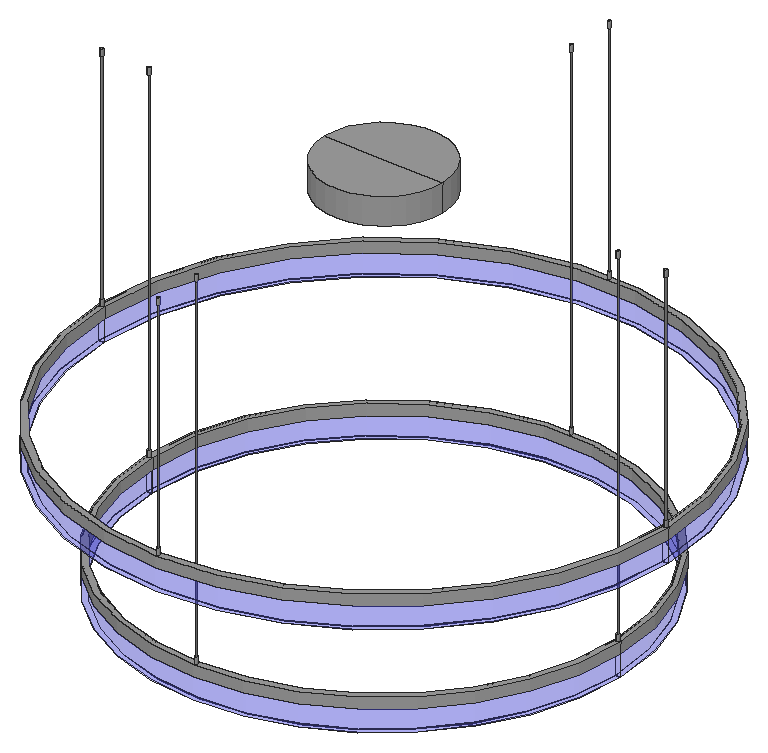
Revit family "Alcon-12272-2-40-48-Revit-Family", category Generic Models, host Ceiling, Revit 2025
Family settings
  Host = Ceiling
  Can host rebar = No
  Round Connector Dimension = Use Diameter
  Part Type = Normal
  Always vertical = Yes
  Cut with Voids When Loaded = No
  Maintain Annotation Orientation = No
  Shared = No
  Room Calculation Point = No
Parameters
  URL = "https://www.alconlighting.com/?srsltid=AfmBOooDPhGQ0dEP-X2PMtxFfvvWpIAEL4jCll_O2F4_to5onvhnBomy"
  Product Page = "https://www.alconlighting.com/redondo-12272-2.html"
  Model = "12272-2"
  Manufacturer = "Alcon Lighting"
  Lens = Glass
  Housing = Default
  Default Elevation = 0' - 0"
Reference planes (in)
  plane 1 "Center (Front/Back)": y = 0
  plane 2 "Ceiling": z = 96
  plane 3 "Center (Left/Right)": x = 0
Forms (in)
  Revolve 1, solid, material "Default" <- "Housing"
    sketch origin (0, 0, 0) x (1, 0, 0) y (0, 0, 1)
      loop
        line (0, 96) -> (0, 93.75) -> (5, 93.75) -> (5, 96) -> (0, 96)
      axis (0, 96) -> (0, 93.75)
    angle from 0 to 360
  Revolve 2, solid, material "Default" <- "Housing"
    sketch origin (0, 0, 0) x (1, 0, 0) y (0, 0, 1)
      loop
        line (19.5, 66.65) -> (19.5, 65.72813) -> (19.5625, 65.72813) -> (19.5625, 66.5875) -> (19.9375, 66.5875) -> (19.9375, 65.72813) -> (20, 65.72813) -> (20, 66.65) -> (19.5, 66.65)
      axis (0, 65.72813) -> (0, 66.65)
    angle from 0 to 360
  Revolve 3, solid, material "Glass" <- "Lens"
    sketch origin (0, 0, 0) x (1, 0, 0) y (0, 0, 1)
      loop
        line (19.5, 63.89) -> (20, 63.89) -> (20, 65.72813) -> (19.96875, 65.72813) -> (19.96875, 63.92125) -> (19.53125, 63.92125) -> (19.53125, 65.72813) -> (19.5, 65.72813) -> (19.5, 63.89)
      axis (0, 63.89) -> (0, 65.72813)
    angle from 0 to 360
  Revolve 4, solid, material "Default" <- "Housing"
    sketch origin (0, -32.29728, 0) x (0, 1, 0) y (0, 0, 1)
      loop
        line (12.55011, 66.65) -> (12.67511, 66.65) -> (12.67511, 67.1208) -> (12.55011, 67.1208) -> (12.55011, 66.65)
      axis (12.55011, 67.1208) -> (12.55011, 66.65)
    angle from 0 to 360
  Extrusion 5, solid, material "Default" <- "Housing"
    sketch origin (0, -19.74728, 92.90344) x (0, 1, 0) y (1, 0, 0)
      loop
        circle (0, 0) r 0.04922
    from -2.62576 to 25.78265
  Revolve 6, solid, material "Default" <- "Housing"
    sketch origin (0, -32.29728, 28.8792) x (0, 1, 0) y (0, 0, 1)
      loop
        line (12.55011, 66.65) -> (12.67511, 66.65) -> (12.67511, 67.1208) -> (12.55011, 67.1208) -> (12.55011, 66.65)
      axis (12.55011, 67.1208) -> (12.55011, 66.65)
    angle from 0 to 360
  Revolve 7, solid, material "Default" <- "Housing"
    sketch origin (0, 7.19587, 0) x (0, 1, 0) y (0, 0, 1)
      loop
        line (12.55011, 66.65) -> (12.67511, 66.65) -> (12.67511, 67.1208) -> (12.55011, 67.1208) -> (12.55011, 66.65)
      axis (12.55011, 67.1208) -> (12.55011, 66.65)
    angle from 0 to 360
  Extrusion 8, solid, material "Default" <- "Housing"
    sketch origin (0, 19.74587, 92.90344) x (0, 1, 0) y (1, 0, 0)
      loop
        circle (0, 0) r 0.04922
    from -2.62576 to 25.78265
  Revolve 9, solid, material "Default" <- "Housing"
    sketch origin (0, 7.19587, 28.8792) x (0, 1, 0) y (0, 0, 1)
      loop
        line (12.55011, 66.65) -> (12.67511, 66.65) -> (12.67511, 67.1208) -> (12.55011, 67.1208) -> (12.55011, 66.65)
      axis (12.55011, 67.1208) -> (12.55011, 66.65)
    angle from 0 to 360
  Revolve 10, solid, material "Default" <- "Housing"
    sketch origin (19.73156, -12.55011, 0) x (0, 1, 0) y (0, 0, 1)
      loop
        line (12.55011, 66.65) -> (12.67511, 66.65) -> (12.67511, 67.1208) -> (12.55011, 67.1208) -> (12.55011, 66.65)
      axis (12.55011, 67.1208) -> (12.55011, 66.65)
    angle from 0 to 360
  Extrusion 11, solid, material "Default" <- "Housing"
    sketch origin (19.73156, -0.00011, 92.90344) x (0, 1, 0) y (1, 0, 0)
      loop
        circle (0, 0) r 0.04922
    from -2.62576 to 25.78265
  Revolve 12, solid, material "Default" <- "Housing"
    sketch origin (19.73156, -12.55011, 28.8792) x (0, 1, 0) y (0, 0, 1)
      loop
        line (12.55011, 66.65) -> (12.67511, 66.65) -> (12.67511, 67.1208) -> (12.55011, 67.1208) -> (12.55011, 66.65)
      axis (12.55011, 67.1208) -> (12.55011, 66.65)
    angle from 0 to 360
  Revolve 13, solid, material "Default" <- "Housing"
    sketch origin (-19.7654, -12.55011, 0) x (0, 1, 0) y (0, 0, 1)
      loop
        line (12.55011, 66.65) -> (12.67511, 66.65) -> (12.67511, 67.1208) -> (12.55011, 67.1208) -> (12.55011, 66.65)
      axis (12.55011, 67.1208) -> (12.55011, 66.65)
    angle from 0 to 360
  Extrusion 14, solid, material "Default" <- "Housing"
    sketch origin (-19.7654, -0.00011, 92.90344) x (0, 1, 0) y (1, 0, 0)
      loop
        circle (0, 0) r 0.04922
    from -2.62576 to 25.78265
  Revolve 15, solid, material "Default" <- "Housing"
    sketch origin (-19.7654, -12.55011, 28.8792) x (0, 1, 0) y (0, 0, 1)
      loop
        line (12.55011, 66.65) -> (12.67511, 66.65) -> (12.67511, 67.1208) -> (12.55011, 67.1208) -> (12.55011, 66.65)
      axis (12.55011, 67.1208) -> (12.55011, 66.65)
    angle from 0 to 360
  Revolve 16, solid, material "Default" <- "Housing"
    sketch origin (0, 0, 10) x (1, 0, 0) y (0, 0, 1)
      loop
        line (23.5, 66.65) -> (23.5, 65.72813) -> (23.5625, 65.72813) -> (23.5625, 66.5875) -> (23.9375, 66.5875) -> (23.9375, 65.72813) -> (24, 65.72813) -> (24, 66.65) -> (23.5, 66.65)
      axis (0, 65.72813) -> (0, 66.65)
    angle from 0 to 360
  Revolve 17, solid, material "Glass" <- "Lens"
    sketch origin (0, 0, 10) x (1, 0, 0) y (0, 0, 1)
      loop
        line (23.5, 63.89) -> (24, 63.89) -> (24, 65.72813) -> (23.96875, 65.72813) -> (23.96875, 63.92125) -> (23.53125, 63.92125) -> (23.53125, 65.72813) -> (23.5, 65.72813) -> (23.5, 63.89)
      axis (0, 63.89) -> (0, 65.72813)
    angle from 0 to 360
  Revolve 18, solid, material "Default" <- "Housing"
    sketch origin (-23.7654, -12.55011, 10) x (0, 1, 0) y (0, 0, 1)
      loop
        line (12.55011, 66.65) -> (12.67511, 66.65) -> (12.67511, 67.1208) -> (12.55011, 67.1208) -> (12.55011, 66.65)
      axis (12.55011, 67.1208) -> (12.55011, 66.65)
    angle from 0 to 360
  Extrusion 19, solid, material "Default" <- "Housing"
    sketch origin (-23.7654, -0.00011, 102.90344) x (0, 1, 0) y (1, 0, 0)
      loop
        circle (0, 0) r 0.04922
    from 7.37424 to 25.78265
  Revolve 20, solid, material "Default" <- "Housing"
    sketch origin (-23.7654, -12.55011, 28.8792) x (0, 1, 0) y (0, 0, 1)
      loop
        line (12.55011, 66.65) -> (12.67511, 66.65) -> (12.67511, 67.1208) -> (12.55011, 67.1208) -> (12.55011, 66.65)
      axis (12.55011, 67.1208) -> (12.55011, 66.65)
    angle from 0 to 360
  Revolve 21, solid, material "Default" <- "Housing"
    sketch origin (-19.7654, -12.55011, 0) x (0, 1, 0) y (0, 0, 1)
      loop
        line (12.55011, 66.65) -> (12.67511, 66.65) -> (12.67511, 67.1208) -> (12.55011, 67.1208) -> (12.55011, 66.65)
      axis (12.55011, 67.1208) -> (12.55011, 66.65)
    angle from 0 to 360
  Extrusion 22, solid, material "Default" <- "Housing"
    sketch origin (-19.7654, -0.00011, 92.90344) x (0, 1, 0) y (1, 0, 0)
      loop
        circle (0, 0) r 0.04922
    from -2.62576 to 25.78265
  Revolve 23, solid, material "Default" <- "Housing"
    sketch origin (-19.7654, -12.55011, 28.8792) x (0, 1, 0) y (0, 0, 1)
      loop
        line (12.55011, 66.65) -> (12.67511, 66.65) -> (12.67511, 67.1208) -> (12.55011, 67.1208) -> (12.55011, 66.65)
      axis (12.55011, 67.1208) -> (12.55011, 66.65)
    angle from 0 to 360
  Revolve 24, solid, material "Default" <- "Housing"
    sketch origin (23.7346, -12.55011, 10) x (0, 1, 0) y (0, 0, 1)
      loop
        line (12.55011, 66.65) -> (12.67511, 66.65) -> (12.67511, 67.1208) -> (12.55011, 67.1208) -> (12.55011, 66.65)
      axis (12.55011, 67.1208) -> (12.55011, 66.65)
    angle from 0 to 360
  Extrusion 25, solid, material "Default" <- "Housing"
    sketch origin (23.7346, -0.00011, 102.90344) x (0, 1, 0) y (1, 0, 0)
      loop
        circle (0, 0) r 0.04922
    from 7.37424 to 25.78265
  Revolve 26, solid, material "Default" <- "Housing"
    sketch origin (23.7346, -12.55011, 28.8792) x (0, 1, 0) y (0, 0, 1)
      loop
        line (12.55011, 66.65) -> (12.67511, 66.65) -> (12.67511, 67.1208) -> (12.55011, 67.1208) -> (12.55011, 66.65)
      axis (12.55011, 67.1208) -> (12.55011, 66.65)
    angle from 0 to 360
  Revolve 27, solid, material "Default" <- "Housing"
    sketch origin (0, 11.19989, 10) x (0, 1, 0) y (0, 0, 1)
      loop
        line (12.55011, 66.65) -> (12.67511, 66.65) -> (12.67511, 67.1208) -> (12.55011, 67.1208) -> (12.55011, 66.65)
      axis (12.55011, 67.1208) -> (12.55011, 66.65)
    angle from 0 to 360
  Extrusion 28, solid, material "Default" <- "Housing"
    sketch origin (0, 23.74989, 102.90344) x (0, 1, 0) y (1, 0, 0)
      loop
        circle (0, 0) r 0.04922
    from 7.37424 to 25.78265
  Revolve 29, solid, material "Default" <- "Housing"
    sketch origin (0, 11.19989, 28.8792) x (0, 1, 0) y (0, 0, 1)
      loop
        line (12.55011, 66.65) -> (12.67511, 66.65) -> (12.67511, 67.1208) -> (12.55011, 67.1208) -> (12.55011, 66.65)
      axis (12.55011, 67.1208) -> (12.55011, 66.65)
    angle from 0 to 360
  Revolve 30, solid, material "Default" <- "Housing"
    sketch origin (0, -36.30011, 10) x (0, 1, 0) y (0, 0, 1)
      loop
        line (12.55011, 66.65) -> (12.67511, 66.65) -> (12.67511, 67.1208) -> (12.55011, 67.1208) -> (12.55011, 66.65)
      axis (12.55011, 67.1208) -> (12.55011, 66.65)
    angle from 0 to 360
  Extrusion 31, solid, material "Default" <- "Housing"
    sketch origin (0, -23.75011, 102.90344) x (0, 1, 0) y (1, 0, 0)
      loop
        circle (0, 0) r 0.04922
    from 7.37424 to 25.78265
  Revolve 32, solid, material "Default" <- "Housing"
    sketch origin (0, -36.30011, 28.8792) x (0, 1, 0) y (0, 0, 1)
      loop
        line (12.55011, 66.65) -> (12.67511, 66.65) -> (12.67511, 67.1208) -> (12.55011, 67.1208) -> (12.55011, 66.65)
      axis (12.55011, 67.1208) -> (12.55011, 66.65)
    angle from 0 to 360
Dimensions and locks (in)
  equal spacing: host sketch curve, plane 3 "Center (Left/Right)", host sketch curve
  equal spacing: host sketch curve, plane 1 "Center (Front/Back)", host sketch curve
  host sketch curve to host sketch curve = 10' - 0"  (x2)
  aligned and locked: Extrusion 5 to Revolve 4
  aligned and locked: Revolve 6 to Extrusion 5
  aligned and locked: Extrusion 8 to Revolve 7
  aligned and locked: Revolve 9 to Extrusion 8
  aligned and locked: Extrusion 11 to Revolve 10
  aligned and locked: Revolve 12 to Extrusion 11
  aligned and locked: Extrusion 14 to Revolve 13
  aligned and locked: Extrusion 19 to Revolve 18
  aligned and locked: Revolve 20 to Extrusion 19
  aligned and locked: Extrusion 22 to Revolve 21
  aligned and locked: Extrusion 25 to Revolve 24
  aligned and locked: Revolve 26 to Extrusion 25
  aligned and locked: Extrusion 28 to Revolve 27
  aligned and locked: Revolve 29 to Extrusion 28
  aligned and locked: Extrusion 31 to Revolve 30
  aligned and locked: Revolve 32 to Extrusion 31
